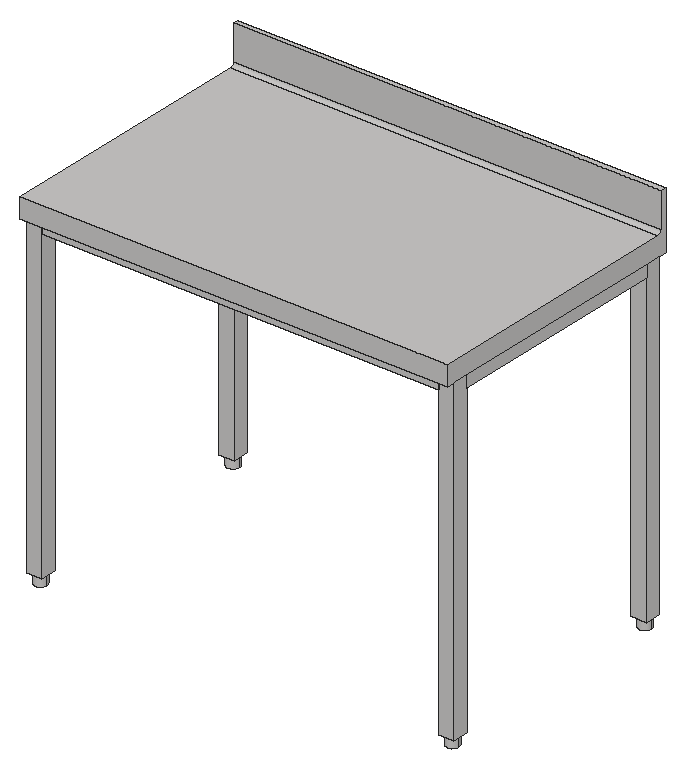
Revit family "QF_ELECTROLUXPROFESSIONAL_134012_GTG1110E", category Attrezzature speciali, Revit 2020
Family settings
  Quota connettore circolare = Usa diametro
  Tipo di parte = Normale
  Basato su piano di lavoro = No
  Sempre verticale = Sì
  Taglio con vuoti quando caricato = No
  Condiviso = No
  Punto di calcolo locali = No
Parameters (values of type "Standard")
  Weight = 35.30 kg
  Watts = 0 W
  Volts = 0 V
  URL Manufacturer = "https://www.electroluxprofessional.com/"
  URL = "https://www.electroluxprofessional.com/"
  Steam Supply Size = 0 mm
  Steam Supply Minimum Pressure = 0.0 Pa
  Steam Supply Maximum Pressure = 0.0 Pa
  Steam Consumption per Hour = 0
  Refrigeration Suction Line Size = 0.0 mm
  Refrigeration Liquid Line Size = 0.0 mm
  Refrigerant Compressor Remote = yes
  Prospetto di default = 0.0 mm
  Produttore = "Electrolux Professional"
  Phase = 0
  Modello = "GTG1110E"
  Length Actual = 1100.0 mm  # constant formula
  Item Number = "134012"
  Hot Water Size = 0 mm
  Height Actual = 1000.0 mm  # constant formula
  HP = "0 HP"
  Gas Size = 0 mm
  Gas KW = 0
  Gas Input Pressure = 0 W
  Direct Waste Size = 0 mm
  Descrizione = "WORK TABLE WITH UPSTAND 1100 MM"
  Depth Actual = 700.0 mm  # constant formula
  Cycle = 0 Hz
  Condensate Return Size = 0 mm
  Compressed Air Volume = 0.0 L/s
  Compressed Air Size = 0 mm
  Compressed Air Pressure = 0.0 Pa
  Cold Water Size = 0 mm
  Accessory = yes
Reference planes
  plane 1 "Center (Front/Back)": y = 0
  plane 2: z = 0
  plane 3 "Center (Left/Right)": x = -50
  plane 4 "LEFT": x = -600
  plane 5 "RIGHT": x = 500
  plane 6 "BACK": y = 350
  plane 7 "FRONT": y = -350
  plane 8 "Base": z = 850
  plane 9 "TOP": z = 900
  plane 10: x = -580
  plane 11: x = 480
  plane 12: y = 310
  plane 13: y = -310
  plane 14 "TRAVERSI": z = 820
  plane 15: x = -560
  plane 16: x = 460
  plane 17: y = 290
  plane 18: y = -290
  plane 19: y = 330
  plane 20: y = -330
Forms (mm)
  Extrusion 1, solid, material "QF_Finishes_Stainless Steel"
    sketch origin (-50, 0, 0) x (0, 1, 0) y (0, 0, 1)
      loop
        line (-350, 850) -> (350, 850) -> (350, 1000) -> (337, 1000) -> (337, 910)
        arc (337, 910) -> (334.071, 902.929) -> (327, 900) r 10
        line (327, 900) -> (-350, 900) -> (-350, 850)
    from 550 to -550
  Extrusion 2, solid, material "QF_Finishes_Stainless Steel"
    sketch origin (0, 0, 820) x (0, 1, 0) y (-1, 0, 0)
      loop
        line (290, -460) -> (-290, -460) -> (-290, -500) -> (290, -500) -> (290, -460)
      loop
        line (290, 600) -> (-290, 600) -> (-290, 560) -> (290, 560) -> (290, 600)
    from 0 to 30
  Extrusion 3, solid, material "QF_Finishes_Stainless Steel"
    sketch origin (0, 0, 820) x (0, 1, 0) y (-1, 0, 0)
      loop
        line (330, -460) -> (330, 560) -> (290, 560) -> (290, -460) -> (330, -460)
      loop
        line (-290, 560) -> (-330, 560) -> (-330, -460) -> (-290, -460) -> (-290, 560)
    from 0 to 30
Lines and regions (mm)
  symbolic lines
    curve 1: line (500, 350, 900) -> (-600, 350, 900)
    curve 2: line (-600, 350, 900) -> (-600, -350, 900)
    curve 3: line (-600, -350, 900) -> (500, -350, 900)
    curve 4: line (500, -350, 900) -> (500, 350, 900)
    curve 5: line (-600, 337, 820) -> (500, 337, 820)
Dimensions and locks
  plane 4 "LEFT" to plane 5 "RIGHT" = 1100.0 mm
  equal spacing: plane 4 "LEFT", plane 3 "Center (Left/Right)", plane 5 "RIGHT"
  plane 4 "LEFT" to plane 10 = 20.0 mm
  plane 11 to plane 5 "RIGHT" = 20.0 mm
  plane 10 to plane 11 = 1060.0 mm
  plane 6 "BACK" to plane 12 = 40.0 mm
  plane 13 to plane 7 "FRONT" = 40.0 mm
  plane 6 "BACK" to plane 7 "FRONT" = 700.0 mm
  plane 12 to plane 13 = 620.0 mm
  equal spacing: plane 6 "BACK", plane 1 "Center (Front/Back)", plane 7 "FRONT"
  plane 8 "Base" to plane 14 "TRAVERSI" = 30.0 mm
  locked: plane 10 to plane 15 at 20
  locked: plane 16 to plane 11 at 20
  locked: plane 19 to plane 12 at 20
  locked: plane 12 to plane 17 at 20
  locked: plane 18 to plane 13 at 20
  locked: plane 13 to plane 20 at 20
  locked: plane 8 "Base" to level at 850
  locked: Extrusion 1 to level at 1000
  aligned and locked: level to plane 2
  aligned and locked: plane 10 to nested 1
  aligned and locked: nested 1 to plane 13
  aligned and locked: plane 11 to nested 2
  aligned and locked: nested 2 to plane 13
  aligned and locked: plane 11 to nested 4
  aligned and locked: nested 4 to plane 12
  aligned and locked: plane 10 to nested 3
  aligned and locked: nested 3 to plane 12
  aligned and locked: Extrusion 1 to plane 4 "LEFT"
  aligned and locked: plane 5 "RIGHT" to Extrusion 1
  aligned and locked: curve 2 to plane 4 "LEFT"
  aligned and locked: Extrusion 2 sketch curve to plane 5 "RIGHT"
  aligned and locked: Extrusion 2 sketch curve to plane 17  (x2)
  aligned and locked: plane 16 to Extrusion 2 sketch curve
  aligned and locked: plane 18 to Extrusion 2 sketch curve  (x2)
  aligned and locked: plane 4 "LEFT" to Extrusion 2 sketch curve
  aligned and locked: Extrusion 2 sketch curve to plane 15
  aligned and locked: plane 19 to Extrusion 3 sketch curve
  aligned and locked: Extrusion 3 sketch curve to plane 17
  aligned and locked: Extrusion 3 sketch curve to plane 18
  aligned and locked: plane 20 to Extrusion 3 sketch curve
  aligned and locked: Extrusion 3 sketch curve to plane 15
  aligned and locked: plane 15 to Extrusion 3 sketch curve
  aligned and locked: plane 16 to Extrusion 3 sketch curve
  aligned and locked: Extrusion 3 sketch curve to plane 16
  aligned and locked: curve 5 to Extrusion 1
Automatic sketch dimensions
  curve 3 to plane 7 "FRONT" = 0.0 mm
  curve 4 to plane 6 "BACK" = 0.0 mm
  curve 4 to plane 5 "RIGHT" = 0.0 mm
  Extrusion 1 sketch curve to plane 7 "FRONT" = 0.0 mm
  Extrusion 1 sketch curve to plane 9 "TOP" = 0.0 mm
  Extrusion 1 sketch curve to plane 6 "BACK" = 0.0 mm
  Extrusion 1 sketch curve to plane 8 "Base" = 0.0 mm
  Extrusion 1 sketch curve to plane 19 = 3.0 mm
  plane 19 to Extrusion 1 sketch curve = 7.0 mm
  Extrusion 1 sketch curve to Extrusion 1 sketch curve = 90.0 mm
  curve 5 to plane 5 "RIGHT" = 0.0 mm
  curve 5 to plane 4 "LEFT" = 0.0 mm
Nested families
  nested 1: "FEET_40x40_R" at (-580, -310, 0), type "FEET_40x40_R"
  nested 2: "FEET_40x40_R" at (480, -310, 0), type "FEET_40x40_R"
  nested 3: "FEET_40x40_R" at (-580, 310, 0), type "FEET_40x40_R"
  nested 4: "FEET_40x40_R" at (480, 310, 0), type "FEET_40x40_R"
Definition of nested family "FEET_40x40_R"
  Parameters
    Default Elevation = 0.0 mm
    FEET = 850.0 mm
  Reference planes
    plane 1 "Center (Front/Back)": y = 0
    plane 2: z = 0
    plane 3 "Center (Left/Right)": x = 0
    plane 4: z = 850
  Forms (mm)
    Extrusion 1, solid
      sketch origin (0, 0, 0) x (1, 0, 0) y (0, 1, 0)
        loop
          line (-20, -20) -> (20, -20) -> (20, 20) -> (-20, 20) -> (-20, -20)
      from 25 to 850
    Extrusion 2, solid
      sketch origin (0, 0, 0) x (1, 0, 0) y (0, 1, 0)
        loop
          circle (0, 0) r 16
      from 0 to 25
  Lines and regions (mm)
    symbolic lines
      curve 1: line (0, -1.503, 0) -> (0, 1.508, 0)
      curve 2: line (1.561, 0, 0) -> (-1.439, 0, 0)
  Dimensions and locks
    "FEET": plane 4 to plane 2
    aligned and locked: level to plane 2
  Automatic sketch dimensions
    Extrusion 1 sketch curve to plane 3 "Center (Left/Right)" = 20.0 mm
    plane 3 "Center (Left/Right)" to Extrusion 1 sketch curve = 20.0 mm
    plane 1 "Center (Front/Back)" to Extrusion 1 sketch curve = 20.0 mm
    Extrusion 1 sketch curve to plane 1 "Center (Front/Back)" = 20.0 mm
    plane 1 "Center (Front/Back)" to Extrusion 2 sketch curve = 0.0 mm
    Extrusion 2 sketch curve to plane 3 "Center (Left/Right)" = 0.0 mm
    plane 1 "Center (Front/Back)" to curve 2 = 0.0 mm
    curve 1 to plane 3 "Center (Left/Right)" = 0.0 mm
    curve 2 to plane 3 "Center (Left/Right)" = 1.439 mm
    plane 3 "Center (Left/Right)" to curve 2 = 1.561 mm
    plane 1 "Center (Front/Back)" to curve 1 = 1.503 mm
    curve 1 to plane 1 "Center (Front/Back)" = 1.508 mm
    radius of Extrusion 2 sketch curve = 16.0 mm
